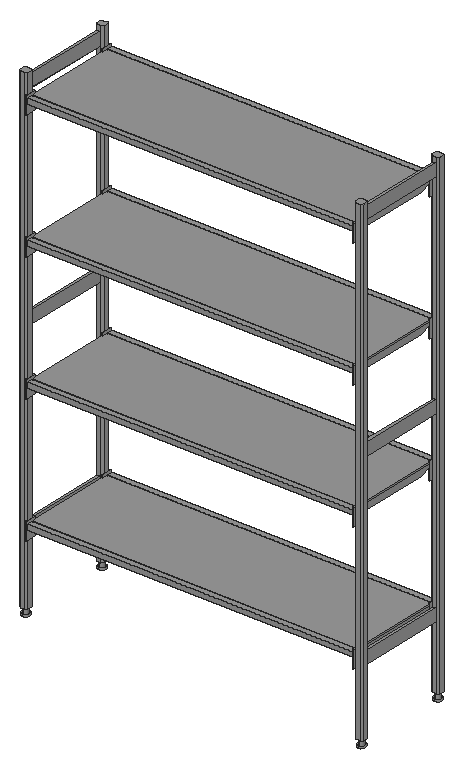
Revit family "QF_ZANUSSI_137015_ALS1216", category Attrezzature speciali, Revit 2020
Family settings
  Quota connettore circolare = Usa diametro
  Tipo di parte = Normale
  Basato su piano di lavoro = No
  Sempre verticale = Sì
  Taglio con vuoti quando caricato = No
  Condiviso = No
  Punto di calcolo locali = No
Parameters (values of type "Standard")
  Weight = 21.00 kg
  Watts = 0 W
  Volts = 0 V
  URL Manufacturer = "http://www.zanussiprofessional.com"
  URL = "http://www.zanussiprofessional.com"
  Steam Supply Size = 0 mm
  Steam Supply Minimum Pressure = 0.0 Pa
  Steam Supply Maximum Pressure = 0.0 Pa
  Steam Consumption per Hour = 0
  Refrigeration Suction Line Size = 0.0 mm
  Refrigeration Liquid Line Size = 0.0 mm
  Refrigerant Compressor Remote = yes
  Prospetto di default = 0.0 mm
  Phase = 0
  Modello = "ALS1216"
  Produttore = "Zanussi"
  Length Actual = 1216.0 mm  # constant formula
  Item Number = "137015"
  Hot Water Size = 0 mm
  Height Actual = 1700.0 mm  # constant formula
  HP = "0 HP"
  Gas Size = 0 mm
  Gas KW = 0
  Gas Input Pressure = 0 W
  Direct Waste Size = 0 mm
  Descrizione = "ALUM.LINEAR SHELV.-POLY.TIERS-373X1216MM"
  Depth Actual = 373.0 mm  # constant formula
  Cycle = 0 Hz
  Condensate Return Size = 0 mm
  Compressed Air Volume = 0.0 L/s
  Compressed Air Size = 0 mm
  Compressed Air Pressure = 0.0 Pa
  Cold Water Size = 0 mm
  Accessory = yes
Reference planes
  plane 1: z = 0
  plane 2 "Center (Left/Right)": x = -31
  plane 3 "LEFT": x = -639
  plane 4 "RIGHT": x = 577
  plane 5 "BACK": y = 23
  plane 6 "FRONT": y = -350
  plane 7 "TOP": z = 1700
  plane 8: x = 572
  plane 9: x = -607
  plane 10: x = 545
  plane 11 "Center (Front/Back)": y = -163.5
  plane 12: x = 540
  plane 13: y = -8.5
  plane 14: y = -318.5
  plane 15 "FEET": z = 25
  plane 16: z = 275
  plane 17: z = 725
  plane 18: z = 1175
  plane 19: z = 1625
  plane 20 "CXLeft": x = -625
  plane 21 "CXRight": x = 563
  plane 22: y = 5.5
  plane 23 "CYBack": y = 5.5
  plane 24 "CYFront": y = -332.5
Forms (mm)
  Extrusion 1, solid, material "QF_Aluminum"
    sketch origin (-639, 0, 0) x (0, 1, 0) y (0, 0, 1)
      loop
        line (4, 1650.994) -> (4, 1632.998) -> (23, 1632.998) -> (23, 1650.994) -> (4, 1650.994)
      loop
        line (-331, 1650.994) -> (-350, 1650.994) -> (-350, 1632.998) -> (-331, 1632.998) -> (-331, 1650.994)
      loop
        line (4, 1200.994) -> (4, 1182.998) -> (23, 1182.998) -> (23, 1200.994) -> (4, 1200.994)
      loop
        line (-331, 1200.994) -> (-350, 1200.994) -> (-350, 1182.998) -> (-331, 1182.998) -> (-331, 1200.994)
      loop
        line (4, 750.994) -> (4, 732.998) -> (23, 732.998) -> (23, 750.994) -> (4, 750.994)
      loop
        line (-331, 750.994) -> (-350, 750.994) -> (-350, 732.998) -> (-331, 732.998) -> (-331, 750.994)
      loop
        line (4, 300.994) -> (4, 282.998) -> (23, 282.998) -> (23, 300.994) -> (4, 300.994)
      loop
        line (-331, 300.994) -> (-350, 300.994) -> (-350, 282.998) -> (-331, 282.998) -> (-331, 300.994)
    from 32 to 1184
  Extrusion 2, solid, material "QF_Polyethylene"
    sketch origin (-639, 0, 0) x (0, 1, 0) y (0, 0, 1)
      loop
        line (2.007, 1650.994) -> (-329, 1650.994) -> (-329, 1644.496) -> (2.007, 1644.496) -> (2.007, 1650.994)
      loop
        line (2.007, 1200.994) -> (-329, 1200.994) -> (-329, 1194.496) -> (2.007, 1194.496) -> (2.007, 1200.994)
      loop
        line (2.007, 750.994) -> (-329, 750.994) -> (-329, 744.496) -> (2.007, 744.496) -> (2.007, 750.994)
      loop
        line (2.007, 300.994) -> (-329, 300.994) -> (-329, 294.496) -> (2.007, 294.496) -> (2.007, 300.994)
    from 32 to 1184
  Extrusion 3, solid, material "QF_Aluminum"
    sketch origin (577, 0, 0) x (0, 1, 0) y (0, 0, 1)
      loop
        line (-12, 1632.998) -> (4, 1632.998) -> (4, 1650.994) -> (2.007, 1650.994) -> (2.007, 1644.496) -> (-329, 1644.496) -> (-329, 1650.994) -> (-331, 1650.994) -> (-331, 1632.998) -> (-315, 1632.998) -> (-281, 1620.994) -> (-46, 1620.994) -> (-12, 1632.998)
      loop
        line (-12, 1182.998) -> (4, 1182.998) -> (4, 1200.994) -> (2.007, 1200.994) -> (2.007, 1194.496) -> (-329, 1194.496) -> (-329, 1200.994) -> (-331, 1200.994) -> (-331, 1182.998) -> (-315, 1182.998) -> (-281, 1170.994) -> (-46, 1170.994) -> (-12, 1182.998)
      loop
        line (-12, 732.998) -> (4, 732.998) -> (4, 750.994) -> (2.007, 750.994) -> (2.007, 744.496) -> (-329, 744.496) -> (-329, 750.994) -> (-331, 750.994) -> (-331, 732.998) -> (-315, 732.998) -> (-281, 720.994) -> (-46, 720.994) -> (-12, 732.998)
      loop
        line (-12, 282.998) -> (4, 282.998) -> (4, 300.994) -> (2.007, 300.994) -> (2.007, 294.496) -> (-329, 294.496) -> (-329, 300.994) -> (-331, 300.994) -> (-331, 282.998) -> (-315, 282.998) -> (-281, 270.994) -> (-46, 270.994) -> (-12, 282.998)
    from -32 to -37
Lines and regions (mm)
  symbolic lines
    curve 1: line (545, 4, 1700) -> (-607, 4, 1700)
    curve 2: line (-611, 23, 1700) -> (549, 23, 1700)
    curve 3: line (549, 13.246, 1700) -> (555.254, 19.5, 1700)
    curve 4: line (555.254, -8.5, 1700) -> (549, -2.246, 1700)
    curve 5: line (555.254, -318.5, 1700) -> (549, -324.754, 1700)
    curve 6: line (-611, -350, 1700) -> (549, -350, 1700)
    curve 7: line (549, 23, 1700) -> (549, -12.993, 1700)
    curve 8: line (549, -12.993, 1700) -> (545, -12.993, 1700)
    curve 9: line (549, -350, 1700) -> (549, -314.007, 1700)
    curve 10: line (549, -314.007, 1700) -> (545, -314.007, 1700)
    curve 11: line (-607, -12.993, 1700) -> (-607, -314.007, 1700)
    curve 12: line (-607, -331, 1700) -> (545, -331, 1700)
    curve 13: line (545, -12.993, 1700) -> (545, -314.007, 1700)
Dimensions and locks
  locked: plane 3 "LEFT" to plane 4 "RIGHT" at 1216
  equal spacing: plane 3 "LEFT", plane 2 "Center (Left/Right)", plane 4 "RIGHT"
  locked: plane 7 "TOP" to level at 1700
  locked: plane 5 "BACK" to plane 6 "FRONT" at 373
  locked: plane 4 "RIGHT" to plane 8 at 5
  locked: plane 9 to plane 10 at 1152
  locked: plane 3 "LEFT" to plane 9 at 32
  plane 12 to plane 10 = 5.0 mm
  locked: plane 13 to plane 14 at 310
  equal spacing: plane 13, plane 11 "Center (Front/Back)", plane 14
  equal spacing: plane 5 "BACK", plane 11 "Center (Front/Back)", plane 6 "FRONT"
  plane 15 "FEET" to level = 25.0 mm
  plane 7 "TOP" to plane 15 "FEET" = 1675.0 mm
  plane 16 to plane 15 "FEET" = 250.0 mm
  plane 17 to plane 16 = 450.0 mm
  plane 18 to plane 17 = 450.0 mm
  plane 19 to plane 18 = 450.0 mm
  locked: plane 3 "LEFT" to plane 20 "CXLeft" at 14
  locked: plane 21 "CXRight" to plane 4 "RIGHT" at 14
  locked: plane 5 "BACK" to plane 23 "CYBack" at 17.5
  locked: plane 24 "CYFront" to plane 6 "FRONT" at 17.5
  aligned and locked: level to plane 1
  aligned and locked: plane 9 to Extrusion 2
  aligned and locked: Extrusion 2 to plane 10
  aligned and locked: plane 9 to Extrusion 1
  aligned and locked: Extrusion 1 to plane 10
  aligned and locked: Extrusion 1 sketch curve to Extrusion 1 sketch curve  (x2)
  aligned and locked: Extrusion 3 sketch curve to Extrusion 3 sketch curve  (x3)
  aligned and locked: Extrusion 3 to plane 12
  aligned and locked: Extrusion 3 to plane 10
  aligned and locked: plane 20 "CXLeft" to nested 1
  aligned and locked: plane 21 "CXRight" to nested 2
Automatic sketch dimensions
  Extrusion 1 sketch curve to plane 6 "FRONT" = 0.0 mm  (x4)
  Extrusion 1 sketch curve to plane 5 "BACK" = 0.0 mm  (x4)
  plane 24 "CYFront" to Extrusion 1 sketch curve = 1.5 mm  (x2)
  plane 22 to Extrusion 1 sketch curve = 1.5 mm  (x4)
  plane 16 to Extrusion 1 sketch curve = 7.998 mm  (x2)
  Extrusion 1 sketch curve to Extrusion 1 sketch curve = 17.997 mm  (x8)
  plane 17 to Extrusion 1 sketch curve = 7.998 mm  (x2)
  plane 18 to Extrusion 1 sketch curve = 7.998 mm  (x2)
  plane 19 to Extrusion 1 sketch curve = 7.998 mm  (x2)
  plane 24 "CYFront" to Extrusion 2 sketch curve = 3.5 mm  (x4)
  plane 22 to Extrusion 2 sketch curve = 3.493 mm  (x4)
  plane 16 to Extrusion 2 sketch curve = 19.496 mm
  Extrusion 2 sketch curve to Extrusion 2 sketch curve = 6.499 mm  (x4)
  plane 17 to Extrusion 2 sketch curve = 19.496 mm
  plane 18 to Extrusion 2 sketch curve = 19.496 mm
  plane 19 to Extrusion 2 sketch curve = 19.496 mm
  plane 24 "CYFront" to Extrusion 3 sketch curve = 1.5 mm  (x4)
  Extrusion 3 sketch curve to Extrusion 3 sketch curve = 2.0 mm
  plane 14 to Extrusion 3 sketch curve = 3.5 mm  (x4)
  Extrusion 3 sketch curve to plane 16 = 4.006 mm
  Extrusion 3 sketch curve to Extrusion 3 sketch curve = 34.0 mm  (x4)
  Extrusion 3 sketch curve to plane 17 = 4.006 mm
  Extrusion 3 sketch curve to plane 18 = 4.006 mm
  Extrusion 3 sketch curve to plane 19 = 4.006 mm
  Extrusion 3 sketch curve to plane 13 = 37.5 mm  (x4)
  Extrusion 3 sketch curve to plane 13 = 3.5 mm  (x4)
  plane 22 to Extrusion 3 sketch curve = 3.493 mm  (x4)
  plane 22 to Extrusion 3 sketch curve = 1.5 mm  (x4)
  plane 16 to Extrusion 3 sketch curve = 7.998 mm  (x2)
  Extrusion 3 sketch curve to Extrusion 3 sketch curve = 11.498 mm  (x4)
  Extrusion 3 sketch curve to Extrusion 3 sketch curve = 6.499 mm  (x8)
  plane 17 to Extrusion 3 sketch curve = 7.998 mm  (x2)
  plane 18 to Extrusion 3 sketch curve = 7.998 mm  (x2)
  plane 19 to Extrusion 3 sketch curve = 7.998 mm  (x2)
  curve 6 to plane 6 "FRONT" = 0.0 mm
  curve 12 to plane 9 = 0.0 mm
  curve 12 to plane 10 = 0.0 mm
  curve 5 to plane 14 = 0.0 mm
  curve 11 to plane 9 = 0.0 mm
  curve 8 to plane 10 = 0.0 mm
  curve 4 to plane 13 = 0.0 mm
  curve 1 to plane 9 = 0.0 mm
  curve 1 to plane 10 = 0.0 mm
  curve 2 to plane 5 "BACK" = 0.0 mm
  plane 14 to curve 10 = 4.493 mm
  curve 7 to plane 13 = 4.493 mm
  curve 10 to plane 10 = 4.0 mm
  curve 7 to plane 10 = 4.0 mm
  plane 24 "CYFront" to curve 12 = 1.5 mm
  curve 5 to plane 14 = 6.254 mm
  plane 14 to curve 11 = 4.493 mm
  curve 11 to plane 13 = 4.493 mm
  plane 13 to curve 4 = 6.254 mm
  plane 22 to curve 1 = 1.5 mm
  curve 3 to plane 22 = 7.746 mm
  curve 3 to plane 5 "BACK" = 3.5 mm
  curve 5 to curve 9 = 6.254 mm
  curve 3 to curve 2 = 6.254 mm
  curve 4 to curve 7 = 6.254 mm
  plane 9 to curve 2 = 4.0 mm
  plane 9 to curve 6 = 4.0 mm
Nested families
  nested 1: "WT_Anta373" at (-222, 0, 0), type "WT_Anta373"
  nested 2: "WT_Anta373" at (160, 0, 0) x (-1, 0, 0) z (0, 0, 1), type "WT_Anta373"
Definition of nested family "WT_Anta373"
  Parameters
    WidthLeft = A + 64.0 mm  # 772.0 mm
    Width = 1606.0 mm
    Right = WidthLeft / 2  # 386.0 mm
    Default Elevation = 0.0 mm
    Left = -WidthLeft / 2  # -386.0 mm
    Height = 1725.0 mm
    FEET = 25.0 mm
    E = 0.0 mm
    Dint = Depth - 63.0 mm  # 310.0 mm
    Dext = Depth - 8.0 mm  # 365.0 mm
    Depth = 373.0 mm
    DX = (WidthLeft - A) / 2  # 32.0 mm
    B = 798.0 mm
    A = 708.0 mm
  Reference planes
    plane 1: z = 0
    plane 2 "LEFT": x = -417
    plane 3 "BACK": y = 23
    plane 4 "FRONT": y = -350
    plane 5 "TOP": z = 1725
    plane 6 "Center (Front/Back)": y = -163.5
    plane 7: y = -8.5
    plane 8: y = -318.5
    plane 9 "FEET": z = 25
    plane 10: z = 275
    plane 11: z = 725
    plane 12: z = 1175
    plane 13: z = 1625
    plane 14 "CXLeft": x = -403
    plane 15: y = 5.5
    plane 16 "CYBack": y = 5.5
    plane 17 "CYFront": y = -332.5
    plane 18: x = -385.031
    plane 19: x = -380.031
  Forms (mm)
    Extrusion 1, solid
      sketch origin (0, 0, 0) x (1, 0, 0) y (0, 1, 0)
        loop
          line (-417, 13.246) -> (-417, -2.246) -> (-410.746, -8.5) -> (-395.254, -8.5) -> (-389, -2.246) -> (-389, 13.246) -> (-395.254, 19.5) -> (-410.746, 19.5) -> (-417, 13.246)
      from 1725 to 25
    Extrusion 2, solid
      sketch origin (-417, 0, 0) x (0, 1, 0) y (0, 0, 1)
        loop
          line (23, 246.005) -> (23, 307.993) -> (-12.993, 307.993) -> (-12.993, 246.005) -> (23, 246.005)
        loop
          line (-350, 246.005) -> (-314.007, 246.005) -> (-314.007, 307.993) -> (-350, 307.993) -> (-350, 246.005)
        loop
          line (23, 696.005) -> (23, 757.993) -> (-12.993, 757.993) -> (-12.993, 696.005) -> (23, 696.005)
        loop
          line (-350, 696.005) -> (-314.007, 696.005) -> (-314.007, 757.993) -> (-350, 757.993) -> (-350, 696.005)
        loop
          line (23, 1146.005) -> (23, 1207.993) -> (-12.993, 1207.993) -> (-12.993, 1146.005) -> (23, 1146.005)
        loop
          line (-350, 1146.005) -> (-314.007, 1146.005) -> (-314.007, 1207.993) -> (-350, 1207.993) -> (-350, 1146.005)
        loop
          line (23, 1596.005) -> (23, 1657.993) -> (-12.993, 1657.993) -> (-12.993, 1596.005) -> (23, 1596.005)
        loop
          line (-350, 1596.005) -> (-314.007, 1596.005) -> (-314.007, 1657.993) -> (-350, 1657.993) -> (-350, 1596.005)
      from 28 to 32
    Revolve 3, solid
      sketch origin (-403, 0, 0) x (0, 1, 0) y (0, 0, 1)
        loop
          line (5.5, 25) -> (5.5, 0) -> (19, 0) -> (19, 5) -> (14, 5) -> (14, 25) -> (5.5, 25)
        axis (5.5, 25) -> (5.5, 0)
      angle from 0 to 360
    Extrusion 4, solid
      sketch origin (-403, 0, 0) x (0, 1, 0) y (0, 0, 1)
        loop
          line (-8.5, 912.382) -> (-8.5, 957.374) -> (-318.5, 957.374) -> (-318.5, 912.382) -> (-8.5, 912.382)
        loop
          line (-8.5, 1662.244) -> (-8.5, 1707.236) -> (-318.5, 1707.236) -> (-318.5, 1662.244) -> (-8.5, 1662.244)
      from -5 to 5
    Revolve 5, solid
      sketch origin (-403, -627, 0) x (0, -1, 0) y (0, 0, 1)
        loop
          line (-294.5, 25) -> (-294.5, 0) -> (-281, 0) -> (-281, 5) -> (-286, 5) -> (-286, 25) -> (-294.5, 25)
        axis (-294.5, 25) -> (-294.5, 0)
      angle from 0 to 360
    Extrusion 6, solid
      sketch origin (0, -627, 0) x (1, 0, 0) y (0, 1, 0)
        loop
          line (-417, 286.754) -> (-410.746, 280.5) -> (-395.254, 280.5) -> (-389, 286.754) -> (-389, 302.246) -> (-395.254, 308.5) -> (-410.746, 308.5) -> (-417, 302.246) -> (-417, 286.754)
      from 1725 to 25
    Extrusion 7, solid
      sketch origin (-417.031, -0.022, 0) x (0, 1, 0) y (0, 0, -1)
        loop
          line (-12, -1632.998) -> (-46, -1620.994) -> (-281, -1620.994) -> (-315, -1632.998) -> (-331, -1632.998) -> (-331, -1650.994) -> (-329, -1650.994) -> (-329, -1644.496) -> (2.007, -1644.496) -> (2.007, -1650.994) -> (4, -1650.994) -> (4, -1632.998) -> (-12, -1632.998)
        loop
          line (-12, -1182.998) -> (-46, -1170.994) -> (-281, -1170.994) -> (-315, -1182.998) -> (-331, -1182.998) -> (-331, -1200.994) -> (-329, -1200.994) -> (-329, -1194.496) -> (2.007, -1194.496) -> (2.007, -1200.994) -> (4, -1200.994) -> (4, -1182.998) -> (-12, -1182.998)
        loop
          line (-12, -732.998) -> (-46, -720.994) -> (-281, -720.994) -> (-315, -732.998) -> (-331, -732.998) -> (-331, -750.994) -> (-329, -750.994) -> (-329, -744.496) -> (2.007, -744.496) -> (2.007, -750.994) -> (4, -750.994) -> (4, -732.998) -> (-12, -732.998)
        loop
          line (-12, -282.998) -> (-46, -270.994) -> (-281, -270.994) -> (-315, -282.998) -> (-331, -282.998) -> (-331, -300.994) -> (-329, -300.994) -> (-329, -294.496) -> (2.007, -294.496) -> (2.007, -300.994) -> (4, -300.994) -> (4, -282.998) -> (-12, -282.998)
      from -32 to -37
    Extrusion 8, solid
      sketch origin (-403, 0, -659.878) x (0, 1, 0) y (0, 0, 1)
        loop
          line (-8.5, 912.382) -> (-8.5, 957.374) -> (-318.5, 957.374) -> (-318.5, 912.382) -> (-8.5, 912.382)
        loop
          line (-8.5, 1572.382) -> (-8.5, 1617.374) -> (-318.5, 1617.374) -> (-318.5, 1572.382) -> (-8.5, 1572.382)
        loop
          line (-8.5, 2322.382) -> (-8.5, 2367.374) -> (-318.5, 2367.374) -> (-318.5, 2322.382) -> (-8.5, 2322.382)
      from -5 to 5
  Lines and regions (mm)
    symbolic lines
      curve 1: line (-408, -8.5, 1725) -> (-408, -318.5, 1725)
      curve 2: line (-398, -318.5, 1725) -> (-398, -8.5, 1725)
      curve 3: line (-395.254, -8.5, 1725) -> (-410.746, -8.5, 1725)
      curve 4: line (-417, -2.246, 1725) -> (-410.746, -8.5, 1725)
      curve 5: line (-417, 13.246, 1725) -> (-417, -2.246, 1725)
      curve 6: line (-410.746, 19.5, 1725) -> (-417, 13.246, 1725)
      curve 7: line (-395.254, 19.5, 1725) -> (-410.746, 19.5, 1725)
      curve 8: line (-389, 13.246, 1725) -> (-395.254, 19.5, 1725)
      curve 9: line (-395.254, -8.5, 1725) -> (-389, -2.246, 1725)
      curve 10: line (-395.254, -318.5, 1725) -> (-410.746, -318.5, 1725)
      curve 11: line (-417, -324.754, 1725) -> (-410.746, -318.5, 1725)
      curve 12: line (-410.746, -346.5, 1725) -> (-417, -340.246, 1725)
      curve 13: line (-395.254, -346.5, 1725) -> (-410.746, -346.5, 1725)
      curve 14: line (-389, -340.246, 1725) -> (-395.254, -346.5, 1725)
      curve 15: line (-395.254, -318.5, 1725) -> (-389, -324.754, 1725)
      curve 16: line (-389, -350, 1725) -> (-389, -314.007, 1725)
      curve 17: line (-389, -314.007, 1725) -> (-385, -314.007, 1725)
      curve 18: line (-389, 23, 1725) -> (-389, -12.993, 1725)
      curve 19: line (-389, -12.993, 1725) -> (-385, -12.993, 1725)
      curve 20: line (-417, -324.754, 1725) -> (-417, -340.246, 1725)
      curve 21: line (-385, -350, 1725) -> (-385, -314.007, 1725)
      curve 22: line (-385, -350, 1725) -> (-389, -350, 1725)
      curve 23: line (-385, 23, 1725) -> (-389, 23, 1725)
      curve 24: line (-385, -12.993, 1725) -> (-385, 23, 1725)
      curve 25: line (-385.031, -13.016, 1725) -> (-385.031, -314.029, 1725)
  Dimensions and locks
    "Height": plane 5 "TOP" to level
    "Depth": plane 3 "BACK" to plane 4 "FRONT"
    "Dint": plane 7 to plane 8
    equal spacing: plane 7, plane 6 "Center (Front/Back)", plane 8
    equal spacing: plane 3 "BACK", plane 6 "Center (Front/Back)", plane 4 "FRONT"
    plane 9 "FEET" to level = 25.0 mm
    plane 5 "TOP" to plane 9 "FEET" = 1700.0 mm
    plane 10 to plane 9 "FEET" = 250.0 mm
    plane 11 to plane 10 = 450.0 mm
    plane 12 to plane 11 = 450.0 mm
    plane 13 to plane 12 = 450.0 mm
    locked: plane 2 "LEFT" to plane 14 "CXLeft" at 14
    locked: plane 3 "BACK" to plane 16 "CYBack" at 17.5
    locked: plane 17 "CYFront" to plane 4 "FRONT" at 17.5
    locked: Revolve 3 sketch curve to Revolve 3 sketch curve at 8.5
    locked: Revolve 3 sketch curve to plane 16 "CYBack" at 13.5
    locked: Revolve 5 sketch curve to Revolve 5 sketch curve at 8.5
    aligned and locked: level to plane 1
    aligned and locked: curve 20 to Extrusion 6
    aligned and locked: plane 5 "TOP" to Extrusion 1
    aligned and locked: plane 5 "TOP" to Extrusion 6
    aligned and locked: Extrusion 7 sketch curve to Extrusion 7 sketch curve  (x3)
  Automatic sketch dimensions
    curve 16 to plane 4 "FRONT" = 0.0 mm
    curve 11 to plane 8 = 0.0 mm
    curve 9 to plane 7 = 0.0 mm
    curve 5 to plane 2 "LEFT" = 0.0 mm
    curve 23 to plane 3 "BACK" = 0.0 mm
    plane 4 "FRONT" to curve 13 = 3.5 mm
    curve 20 to plane 17 "CYFront" = 7.746 mm
    curve 20 to plane 8 = 6.254 mm
    plane 8 to curve 16 = 4.493 mm
    curve 24 to plane 18 = 0.031 mm
    curve 24 to plane 7 = 4.493 mm
    plane 7 to curve 5 = 6.254 mm
    curve 5 to plane 15 = 7.746 mm
    curve 6 to plane 3 "BACK" = 3.5 mm
    curve 21 to plane 18 = 0.031 mm
    plane 18 to curve 23 = 3.969 mm
    plane 18 to curve 16 = 3.969 mm
    curve 18 to curve 8 = 6.254 mm
    curve 18 to curve 3 = 6.254 mm
    curve 16 to curve 13 = 6.254 mm
    curve 16 to curve 15 = 6.254 mm
    plane 2 "LEFT" to curve 10 = 6.254 mm
    plane 2 "LEFT" to curve 7 = 6.254 mm
    plane 2 "LEFT" to curve 12 = 6.254 mm
    plane 2 "LEFT" to curve 3 = 6.254 mm
    curve 14 to plane 17 "CYFront" = 7.746 mm
    curve 15 to plane 8 = 6.254 mm
    plane 7 to curve 9 = 6.254 mm
    curve 8 to plane 15 = 7.746 mm
    curve 3 to curve 2 = 2.746 mm
    curve 1 to curve 10 = 2.746 mm
    Extrusion 1 sketch curve to plane 2 "LEFT" = 0.0 mm
    Extrusion 1 sketch curve to plane 7 = 0.0 mm
    plane 2 "LEFT" to Extrusion 1 sketch curve = 6.254 mm  (x2)
    plane 14 "CXLeft" to Extrusion 1 sketch curve = 7.746 mm  (x2)
    Extrusion 1 sketch curve to plane 3 "BACK" = 3.5 mm
    plane 18 to Extrusion 1 sketch curve = 3.969 mm
    plane 7 to Extrusion 1 sketch curve = 6.254 mm  (x2)
    Extrusion 1 sketch curve to plane 15 = 7.746 mm  (x2)
    Extrusion 2 sketch curve to plane 4 "FRONT" = 0.0 mm  (x4)
    Extrusion 2 sketch curve to plane 3 "BACK" = 0.0 mm  (x4)
    plane 8 to Extrusion 2 sketch curve = 4.493 mm  (x4)
    Extrusion 2 sketch curve to plane 7 = 4.493 mm  (x4)
    Extrusion 2 sketch curve to plane 10 = 28.995 mm  (x2)
    plane 10 to Extrusion 2 sketch curve = 32.993 mm  (x2)
    Extrusion 2 sketch curve to plane 11 = 28.995 mm  (x2)
    plane 11 to Extrusion 2 sketch curve = 32.993 mm  (x2)
    Extrusion 2 sketch curve to plane 12 = 28.995 mm  (x2)
    plane 12 to Extrusion 2 sketch curve = 32.993 mm  (x2)
    Extrusion 2 sketch curve to plane 13 = 28.995 mm  (x2)
    plane 13 to Extrusion 2 sketch curve = 32.993 mm  (x2)
    Revolve 3 sketch curve to plane 9 "FEET" = 0.0 mm  (x2)
    Revolve 3 sketch curve to plane 15 = 0.0 mm  (x2)
    Revolve 3 sketch curve to level = 0.0 mm
    level to Revolve 3 sketch curve = 5.0 mm
    Revolve 3 sketch curve to Revolve 3 sketch curve = 11.655 mm
    Extrusion 4 sketch curve to plane 8 = 0.0 mm  (x2)
    Extrusion 4 sketch curve to plane 7 = 0.0 mm  (x2)
    plane 11 to Extrusion 4 sketch curve = 187.382 mm
    Extrusion 4 sketch curve to Extrusion 4 sketch curve = 44.992 mm
    plane 13 to Extrusion 4 sketch curve = 37.244 mm
    Extrusion 4 sketch curve to plane 5 "TOP" = 17.764 mm
    Revolve 5 sketch curve to plane 9 "FEET" = 0.0 mm  (x2)
    Revolve 5 sketch curve to plane 17 "CYFront" = 0.0 mm  (x2)
    Revolve 5 sketch curve to level = 0.0 mm
    Revolve 5 sketch curve to plane 4 "FRONT" = 4.0 mm
    Revolve 5 sketch curve to Revolve 5 sketch curve = 5.0 mm
    level to Revolve 5 sketch curve = 11.655 mm
    Extrusion 6 sketch curve to plane 2 "LEFT" = 0.0 mm
    Extrusion 6 sketch curve to plane 8 = 0.0 mm
    Extrusion 6 sketch curve to plane 2 "LEFT" = 6.254 mm  (x2)
    Extrusion 6 sketch curve to plane 14 "CXLeft" = 7.746 mm  (x2)
    Extrusion 6 sketch curve to plane 4 "FRONT" = 3.5 mm
    Extrusion 6 sketch curve to plane 18 = 3.969 mm
    plane 8 to Extrusion 6 sketch curve = 6.254 mm  (x2)
    plane 17 "CYFront" to Extrusion 6 sketch curve = 7.746 mm  (x2)
    plane 17 "CYFront" to Extrusion 7 sketch curve = 1.478 mm  (x4)
    Extrusion 7 sketch curve to Extrusion 7 sketch curve = 2.0 mm
    plane 8 to Extrusion 7 sketch curve = 3.478 mm  (x4)
    Extrusion 7 sketch curve to plane 10 = 4.006 mm
    Extrusion 7 sketch curve to Extrusion 7 sketch curve = 34.0 mm  (x4)
    Extrusion 7 sketch curve to plane 11 = 4.006 mm
    Extrusion 7 sketch curve to plane 12 = 4.006 mm
    Extrusion 7 sketch curve to plane 13 = 4.006 mm
    Extrusion 7 sketch curve to plane 7 = 37.522 mm  (x4)
    Extrusion 7 sketch curve to plane 7 = 3.522 mm  (x4)
    plane 15 to Extrusion 7 sketch curve = 3.516 mm  (x4)
    plane 15 to Extrusion 7 sketch curve = 1.522 mm  (x4)
    plane 13 to Extrusion 7 sketch curve = 7.998 mm  (x2)
    Extrusion 7 sketch curve to Extrusion 7 sketch curve = 11.498 mm
    Extrusion 7 sketch curve to Extrusion 7 sketch curve = 6.499 mm  (x5)
    plane 12 to Extrusion 7 sketch curve = 25.994 mm  (x2)
    plane 12 to Extrusion 7 sketch curve = 7.998 mm  (x2)
    plane 11 to Extrusion 7 sketch curve = 25.994 mm  (x2)
    plane 11 to Extrusion 7 sketch curve = 7.998 mm  (x2)
    plane 10 to Extrusion 7 sketch curve = 25.994 mm  (x2)
    plane 10 to Extrusion 7 sketch curve = 7.998 mm  (x2)
    curve 25 to plane 18 = 0.0 mm
    plane 8 to curve 25 = 4.471 mm
    curve 25 to plane 7 = 4.516 mm
    Extrusion 8 sketch curve to plane 8 = 0.0 mm  (x3)
    Extrusion 8 sketch curve to plane 7 = 0.0 mm  (x3)
    Extrusion 8 sketch curve to plane 10 = 22.496 mm
    plane 10 to Extrusion 8 sketch curve = 22.496 mm
    plane 11 to Extrusion 8 sketch curve = 187.504 mm
    Extrusion 8 sketch curve to Extrusion 8 sketch curve = 44.992 mm
    plane 13 to Extrusion 8 sketch curve = 37.504 mm
    Extrusion 8 sketch curve to plane 5 "TOP" = 17.504 mm
